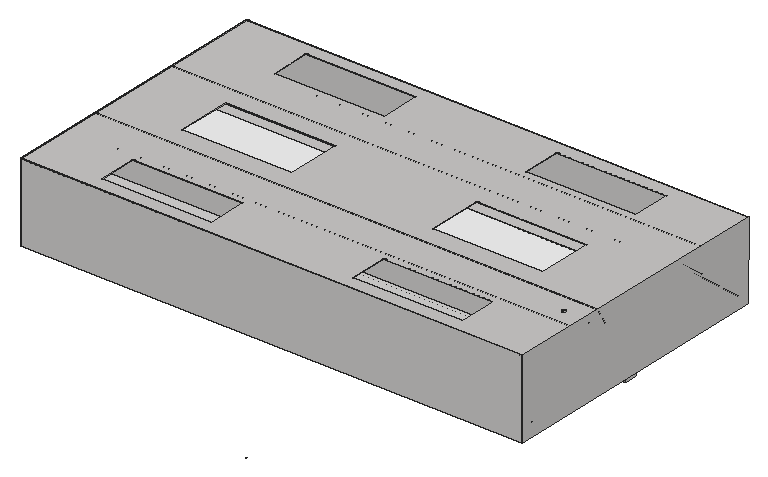
Revit family "QF_ELECTROLUXPROFESSIONAL_640237_STCF1832", category Specialty Equipment, Revit 2014
Reference planes
  plane 1: z = 0
  plane 2 "Center (Left/Right)": x = 150
  plane 3 "LEFT": x = -1450
  plane 4 "RIGHT": x = 1750
  plane 5 "BACK": y = 550
  plane 6 "TOP": z = 2500
  plane 7 "Base": z = 2000
  plane 8: z = 1955
  plane 9: x = -1447
  plane 10 "DrainX": x = 1630
  plane 11 "AOLeft2": x = -300
  plane 12 "AORight1": x = 600
  plane 13: x = 1747
  plane 14: x = -1250
  plane 15: x = 1550
  plane 16 "Center (Front/Back)": y = -350
  plane 17 "Front": y = -1250
  plane 18 "AOLeft1": x = -1000
  plane 19 "AORight2": x = 1300
  plane 20 "EI_y": y = -770
  plane 21 "EIx": x = 1630
  plane 22: y = 464
  plane 23: y = 214
  plane 24: y = -1164
  plane 25: y = -914
  plane 26: y = -175
  plane 27: y = -525
Forms (mm)
  Extrusion 1, solid, material "QF_Finishes_Stainless Steel"
    sketch origin (-1450, 0, 360) x (0, 1, 0) y (0, 0, 1)
      loop
        line (550, 1640) -> (550, 2140) -> (-1250, 2140) -> (-1250, 1640) -> (550, 1640)
    from 0 to 3
  Extrusion 2, solid, material "QF_Finishes_Stainless Steel"
    sketch origin (1750, 0, 360) x (0, 1, 0) y (0, 0, 1)
      loop
        line (550, 1640) -> (550, 2140) -> (-1250, 2140) -> (-1250, 1640) -> (550, 1640)
    from 0 to -3
  Extrusion 3, solid, material "QF_Finishes_Stainless Steel"
    sketch origin (150, 0, 360) x (0, 1, 0) y (0, 0, 1)
      loop
        line (-1250, 2140) -> (-1250, 1640) -> (-1240, 1640) -> (-1240, 1640.8) -> (-1249.2, 1640.8) -> (-1249.2, 2139.19) -> (549.2, 2139.19) -> (549.2, 1640.8) -> (540, 1640.8) -> (540, 1640) -> (550, 1640) -> (550, 2140) -> (-1250, 2140)
    from -1600 to 1600
  Extrusion 4, solid, material "QF_Finishes_Stainless Steel"
    sketch origin (0, -840, 2000) x (0, 1, 0) y (-1, 0, 0)
      loop
        circle (490, -1630) r 4.763
    from -30 to 0
  Extrusion 5, void
    sketch origin (0, 0, 2500) x (0, 1, 0) y (-1, 0, 0)
      loop
        line (-1164, 300) -> (-914, 300) -> (-914, 1000) -> (-1164, 1000) -> (-1164, 300)
    from 0 to -10
  Extrusion 6, solid, material "QF_Finishes_Stainless Steel"
    sketch origin (0, 0, 0) x (1, 0, 0) y (0, 1, 0)
      loop
        line (-1450, 550) -> (-1450, 549) -> (-1449, 549) -> (-1449, 550) -> (-1450, 550)
    from 0 to 1
  Sweep 7, solid, material "QF_Finishes_Stainless Steel"
    path origin (0, 0, 0) x (1, 0, 0) y (0, 1, 0)
      loop
        line (1750, 550) -> (-1450, 550) -> (-1450, -1250) -> (1750, -1250) -> (1750, 550)
    profile origin (1750, -350, 0) x (1, 0, 0) y (0, 0, 1)
      loop
        line (-3, 2000) -> (-3, 2000.8) -> (-19, 2000.8) -> (-19, 2010) -> (-20, 2010) -> (-20, 2000) -> (-3, 2000)
  Extrusion 8, solid, material "QF_Finishes_Stainless Steel"
    sketch origin (150, -826.94, 0) x (0, 1, 0) y (0, 0, 1)
      loop
        line (414.66, 2095.469) -> (440.643, 2110.471) -> (261.744, 2411.771) -> (235.948, 2396.455) -> (414.66, 2095.469)
    from -1597 to -1400
  Extrusion 9, void
    sketch origin (1134.605, 0, 2500) x (0, 1, 0) y (-1, 0, 0)
      loop
        line (-1164, -165.395) -> (-914, -165.395) -> (-914, 534.605) -> (-1164, 534.605) -> (-1164, -165.395)
    from 0 to -10
  Extrusion 10, solid, material "QF_Finishes_Stainless Steel"
    sketch origin (1630, -840, 0) x (0, 1, 0) y (0, 0, 1)
      loop
        line (539, 2000) -> (441, 2000) -> (441, 1989) -> (448.5, 1989) -> (448.5, 1965)
        arc (448.5, 1965) -> (451.429, 1957.929) -> (458.5, 1955) r 10
        line (458.5, 1955) -> (521.5, 1955)
        arc (521.5, 1955) -> (528.571, 1957.929) -> (531.5, 1965) r 10
        line (531.5, 1965) -> (531.5, 1989) -> (539, 1989) -> (539, 2000)
    from 90 to -90
  Extrusion 11, solid, material "QF_Finishes_Stainless Steel"
    sketch origin (150, -826.94, 0) x (0, 1, 0) y (0, 0, 1)
      loop
        line (414.66, 2095.469) -> (440.643, 2110.471) -> (261.744, 2411.771) -> (235.948, 2396.455) -> (414.66, 2095.469)
    from 1400 to 1597
  Extrusion 12, solid, material "QF_Finished_Chrome"
    sketch origin (150, -826.94, 0) x (0, 1, 0) y (0, 0, 1)
      loop
        line (414.66, 2095.469) -> (440.643, 2110.471) -> (261.744, 2411.771) -> (235.948, 2396.455) -> (414.66, 2095.469)
    from -1400 to 1400
  Extrusion 13, void
    sketch origin (0, 1180, 2500) x (0, 1, 0) y (-1, 0, 0)
      loop
        line (-1355, 300) -> (-1355, 1000) -> (-1705, 1000) -> (-1705, 300) -> (-1355, 300)
    from 0 to -10
  Extrusion 14, void
    sketch origin (1600, 1180, 2500) x (0, 1, 0) y (-1, 0, 0)
      loop
        line (-1355, 300) -> (-1355, 1000) -> (-1705, 1000) -> (-1705, 300) -> (-1355, 300)
    from 0 to -10
  Extrusion 15, solid, material "QF_Finishes_Stainless Steel"
    sketch origin (0, 0, 2500) x (0, 1, 0) y (-1, 0, 0)
      loop
        circle (-770, -1630) r 10
    from 0 to 1.6
  Extrusion 16, solid, material "QF_Finishes_Stainless Steel"
    sketch origin (150, -826.94, 360) x (0, 1, 0) y (0, 0, 1)
      loop
        line (430.005, 1640) -> (476.94, 1640) -> (476.94, 1640.8) -> (430.467, 1640.8) -> (371.906, 1742.23) -> (414.858, 1734.657) -> (442.266, 1750.481) -> (442.266, 1765.943) -> (441.466, 1765.943) -> (441.466, 1750.943) -> (414.709, 1735.495) -> (321.153, 1751.991) -> (320.875, 1750.416) -> (371.4, 1741.507) -> (430.005, 1640)
      loop
        line (172.529, 2139.19) -> (242.893, 2017.316) -> (245.133, 2018.715) -> (240.13, 2027.381) -> (238.569, 2026.405) -> (173.453, 2139.19) -> (172.529, 2139.19)
    from -1597 to 1597
  Extrusion 17, solid, material "QF_LAMPS"
    sketch origin (150, 0, 360) x (0, 1, 0) y (0, 0, 1)
      loop
        line (-872.823, 1962.324) -> (-718.948, 2086.929) -> (-727.129, 2097.032) -> (-881.003, 1972.426) -> (-872.823, 1962.324)
    from 1597 to -1597
  Extrusion 18, solid, material "QF_Finishes_Stainless Steel"
    sketch origin (150, 0, 360) x (0, 1, 0) y (0, 0, 1)
      loop
        line (-1250, 2139.19) -> (-1250, 1640) -> (-1186.602, 1640) -> (-1099.146, 1690.493) -> (-1110.058, 1709.394) -> (-1166.564, 1676.77) -> (-1214.704, 1680.982) -> (-1249.2, 1730.248) -> (-1249.2, 2139.19) -> (-1250, 2139.19)
      loop
        line (-873.6, 1961.694) -> (-881.937, 1971.99) -> (-869.095, 1982.182) -> (-869.095, 2139.19) -> (-869.895, 2139.19) -> (-869.895, 1982.569) -> (-1182.298, 1734.63) -> (-1171.091, 1720.79) -> (-873.6, 1961.694)
      loop
        line (-727.61, 2099.216) -> (-718.171, 2087.559) -> (-654.411, 2139.19) -> (-655.682, 2139.19) -> (-718.052, 2088.684) -> (-726.989, 2099.719) -> (-727.61, 2099.216)
    from -1597 to 1597
  Extrusion 19, solid, material "QF_Finishes_Stainless Steel"
    sketch origin (150, 126.94, 360) x (0, -1, 0) y (0, 0, -1)
      loop
        line (430.005, -1640) -> (371.4, -1741.507) -> (320.875, -1750.416) -> (321.153, -1751.991) -> (414.709, -1735.495) -> (441.466, -1750.943) -> (441.466, -1765.943) -> (442.266, -1765.943) -> (442.266, -1750.481) -> (414.858, -1734.657) -> (371.906, -1742.23) -> (430.467, -1640.8) -> (476.94, -1640.8) -> (476.94, -1640) -> (430.005, -1640)
      loop
        line (172.529, -2139.19) -> (173.453, -2139.19) -> (238.569, -2026.405) -> (240.13, -2027.381) -> (245.133, -2018.715) -> (242.893, -2017.316) -> (172.529, -2139.19)
    from -1597 to 1597
  Extrusion 20, solid, material "QF_LAMPS"
    sketch origin (150, -700, 360) x (0, -1, 0) y (0, 0, -1)
      loop
        line (-872.823, -1962.324) -> (-881.003, -1972.426) -> (-727.129, -2097.032) -> (-718.948, -2086.929) -> (-872.823, -1962.324)
    from 1597 to -1597
  Extrusion 21, solid, material "QF_Finishes_Stainless Steel"
    sketch origin (150, -700, 360) x (0, -1, 0) y (0, 0, -1)
      loop
        line (-1250, -2139.19) -> (-1249.2, -2139.19) -> (-1249.2, -1730.248) -> (-1214.704, -1680.982) -> (-1166.564, -1676.77) -> (-1110.058, -1709.394) -> (-1099.146, -1690.493) -> (-1186.602, -1640) -> (-1250, -1640) -> (-1250, -2139.19)
      loop
        line (-873.6, -1961.694) -> (-1171.091, -1720.79) -> (-1182.298, -1734.63) -> (-869.895, -1982.569) -> (-869.895, -2139.19) -> (-869.095, -2139.19) -> (-869.095, -1982.182) -> (-881.937, -1971.99) -> (-873.6, -1961.694)
      loop
        line (-727.61, -2099.216) -> (-726.989, -2099.719) -> (-718.052, -2088.684) -> (-655.682, -2139.19) -> (-654.411, -2139.19) -> (-718.171, -2087.559) -> (-727.61, -2099.216)
    from -1597 to 1597
  Extrusion 22, solid, material "QF_Finishes_Stainless Steel"
    sketch origin (150, 126.94, 0) x (0, -1, 0) y (0, 0, -1)
      loop
        line (414.66, -2095.469) -> (235.948, -2396.455) -> (261.744, -2411.771) -> (440.643, -2110.471) -> (414.66, -2095.469)
    from -1597 to -1400
  Extrusion 23, solid, material "QF_Finishes_Stainless Steel"
    sketch origin (150, 126.94, 0) x (0, -1, 0) y (0, 0, -1)
      loop
        line (414.66, -2095.469) -> (235.948, -2396.455) -> (261.744, -2411.771) -> (440.643, -2110.471) -> (414.66, -2095.469)
    from 1400 to 1597
  Extrusion 24, solid, material "QF_Finished_Chrome"
    sketch origin (150, 126.94, 0) x (0, -1, 0) y (0, 0, -1)
      loop
        line (414.66, -2095.469) -> (235.948, -2396.455) -> (261.744, -2411.771) -> (440.643, -2110.471) -> (414.66, -2095.469)
    from -1400 to 1400
  Extrusion 25, void
    sketch origin (0, 814, 2500) x (0, 1, 0) y (-1, 0, 0)
      loop
        line (-600, 300) -> (-350, 300) -> (-350, 1000) -> (-600, 1000) -> (-600, 300)
    from 0 to -10
  Extrusion 26, void
    sketch origin (1134.605, 814, 2500) x (0, 1, 0) y (-1, 0, 0)
      loop
        line (-600, -165.395) -> (-350, -165.395) -> (-350, 534.605) -> (-600, 534.605) -> (-600, -165.395)
    from 0 to -10
  Extrusion 27, solid, material "QF_Finishes_Stainless Steel"
    sketch origin (150, 126.94, 0) x (0, -1, 0) y (0, 0, -1)
      loop
        line (414.66, -2095.469) -> (235.948, -2396.455) -> (261.744, -2411.771) -> (440.643, -2110.471) -> (414.66, -2095.469)
    from -1597 to -1400
  Extrusion 28, solid, material "QF_Finishes_Stainless Steel"
    sketch origin (150, 126.94, 0) x (0, -1, 0) y (0, 0, -1)
      loop
        line (414.66, -2095.469) -> (235.948, -2396.455) -> (261.744, -2411.771) -> (440.643, -2110.471) -> (414.66, -2095.469)
    from 1597 to 1400
Cuts and joins
  Extrusion 5, Extrusion 9, Extrusion 13, Extrusion 14, Extrusion 25, Extrusion 26 cuts Extrusion 3
  joined: Extrusion 2, Extrusion 3, Sweep 7
Lines and regions (mm)
  symbolic lines, style "SpecialityEquipment", detail levels coarse
    curve 1: line (1750, 550, 2500) -> (-1450, 550, 2500)
    curve 2: line (-1450, 550, 2500) -> (-1450, -1250, 2500)
    curve 3: line (1750, -1250, 2500) -> (1750, 550, 2500)
    curve 4: line (-1450, 550, 0) -> (1750, -1250, 0)
    curve 5: line (1750, 550, 0) -> (-1450, -1250, 0)
    curve 6: line (-1450, -1250, 0) -> (1750, -1250, 0)
  symbolic lines, detail levels coarse
    curve 7: line (-1000, 464, 2500) -> (-300, 464, 2500)
    curve 8: line (-1000, 214, 2500) -> (-1000, 464, 2500)
    curve 9: line (-300, 214, 2500) -> (-1000, 214, 2500)
    curve 10: line (-300, 464, 2500) -> (-300, 214, 2500)
    curve 11: line (600, 464, 2500) -> (1300, 464, 2500)
    curve 12: line (600, 214, 2500) -> (600, 464, 2500)
    curve 13: line (1300, 214, 2500) -> (600, 214, 2500)
    curve 14: line (1300, 464, 2500) -> (1300, 214, 2500)
    curve 15: line (600, -175, 2500) -> (1300, -175, 2500)
    curve 16: line (600, -525, 2500) -> (600, -175, 2500)
    curve 17: line (1300, -525, 2500) -> (600, -525, 2500)
    curve 18: line (1300, -175, 2500) -> (1300, -525, 2500)
    curve 19: line (600, -914, 2500) -> (1300, -914, 2500)
    curve 20: line (600, -1164, 2500) -> (600, -914, 2500)
    curve 21: line (1300, -1164, 2500) -> (600, -1164, 2500)
    curve 22: line (1300, -914, 2500) -> (1300, -1164, 2500)
    curve 23: line (-1000, -914, 2500) -> (-300, -914, 2500)
    curve 24: line (-1000, -1164, 2500) -> (-1000, -914, 2500)
    curve 25: line (-300, -1164, 2500) -> (-1000, -1164, 2500)
    curve 26: line (-300, -914, 2500) -> (-300, -1164, 2500)
    curve 27: line (-1000, -175, 2500) -> (-300, -175, 2500)
    curve 28: line (-1000, -525, 2500) -> (-1000, -175, 2500)
    curve 29: line (-300, -525, 2500) -> (-1000, -525, 2500)
    curve 30: line (-300, -175, 2500) -> (-300, -525, 2500)
Dimensions and locks
  plane 3 "LEFT" to plane 4 "RIGHT" = 3200 mm
  equal spacing: plane 3 "LEFT", plane 2 "Center (Left/Right)", plane 4 "RIGHT"
  plane 7 "Base" to plane 8 = 45 mm
  plane 3 "LEFT" to plane 9 = 3 mm
  plane 10 "DrainX" to plane 4 "RIGHT" = 120 mm
  plane 13 to plane 4 "RIGHT" = 3 mm
  plane 3 "LEFT" to plane 14 = 200 mm
  plane 15 to plane 4 "RIGHT" = 200 mm
  locked: plane 11 "AOLeft2" to plane 12 "AORight1" at 900
  equal spacing: plane 11 "AOLeft2", plane 2 "Center (Left/Right)", plane 12 "AORight1"
  locked: plane 7 "Base" to level at 2000
  locked: plane 6 "TOP" to plane 7 "Base" at 500
  equal spacing: plane 5 "BACK", plane 16 "Center (Front/Back)", plane 17 "Front"
  locked: plane 18 "AOLeft1" to plane 11 "AOLeft2" at 700
  locked: plane 12 "AORight1" to plane 19 "AORight2" at 700
  locked: plane 20 "EI_y" to plane 17 "Front" at 480
  locked: plane 21 "EIx" to plane 4 "RIGHT" at 120
  locked: plane 5 "BACK" to plane 22 at 86
  plane 22 to plane 23 = 250 mm
  locked: plane 24 to plane 17 "Front" at 86
  locked: plane 24 to plane 25 at 250
  plane 26 to plane 16 "Center (Front/Back)" = 175 mm
  plane 16 "Center (Front/Back)" to plane 27 = 175 mm
  locked: plane 5 "BACK" to plane 17 "Front" at 1800
  plane 5 "BACK" to plane 17 "Front" = 1800 mm
  plane 26 to plane 27 = 350 mm
  aligned and locked: level to plane 1
  aligned and locked: plane 4 "RIGHT" to Extrusion 3
  aligned and locked: Extrusion 3 to plane 3 "LEFT"
  aligned and locked: Extrusion 2 to plane 13
  aligned and locked: Extrusion 8 to plane 9
  aligned and locked: plane 18 "AOLeft1" to Extrusion 5
  aligned and locked: Extrusion 5 to plane 11 "AOLeft2"
  aligned and locked: Extrusion 9 to plane 19 "AORight2"
  aligned and locked: plane 12 "AORight1" to Extrusion 9
  aligned and locked: plane 14 to Extrusion 8
  aligned and locked: plane 15 to Extrusion 11
  aligned and locked: plane 13 to Extrusion 11
  aligned and locked: Extrusion 12 to plane 14
  aligned and locked: Extrusion 12 to plane 15
  aligned and locked: plane 12 "AORight1" to Extrusion 14
  aligned and locked: plane 19 "AORight2" to Extrusion 14
  aligned and locked: Extrusion 13 to plane 18 "AOLeft1"
  aligned and locked: Extrusion 13 to plane 11 "AOLeft2"
  aligned and locked: Extrusion 16 to plane 9
  aligned and locked: plane 13 to Extrusion 16
  aligned and locked: Extrusion 24 to plane 14
  aligned and locked: Extrusion 24 to plane 15
  aligned and locked: plane 24 to Extrusion 5
  aligned and locked: Extrusion 5 to plane 25
  aligned and locked: Extrusion 9 to plane 25
  aligned and locked: plane 24 to Extrusion 9
  aligned and locked: Extrusion 25 to plane 18 "AOLeft1"
  aligned and locked: Extrusion 25 to plane 11 "AOLeft2"
  aligned and locked: plane 12 "AORight1" to Extrusion 26
  aligned and locked: plane 19 "AORight2" to Extrusion 26
  aligned and locked: plane 26 to Extrusion 13
  aligned and locked: Extrusion 13 to plane 27
  aligned and locked: plane 26 to Extrusion 14
  aligned and locked: Extrusion 14 to plane 27
  aligned and locked: plane 22 to Extrusion 25
  aligned and locked: Extrusion 25 to plane 23
  aligned and locked: plane 22 to Extrusion 26
  aligned and locked: Extrusion 26 to plane 23
  aligned and locked: Extrusion 21 to plane 9
  aligned and locked: Extrusion 20 to plane 9
  aligned and locked: Extrusion 19 to plane 9
  aligned and locked: plane 9 to Extrusion 22
  aligned and locked: Extrusion 18 to plane 9
  aligned and locked: Extrusion 17 to plane 9
  aligned and locked: plane 13 to Extrusion 21
  aligned and locked: plane 13 to Extrusion 20
  aligned and locked: plane 13 to Extrusion 19
  aligned and locked: Extrusion 23 to plane 13
  aligned and locked: plane 13 to Extrusion 17
  aligned and locked: Extrusion 18 to plane 13
  aligned and locked: plane 14 to Extrusion 27
  aligned and locked: Extrusion 27 to plane 9
  aligned and locked: Extrusion 28 to plane 13
  aligned and locked: plane 15 to Extrusion 28
Automatic sketch dimensions
  curve 6 to plane 3 "LEFT" = 0 mm
  curve 4 to plane 3 "LEFT" = 0 mm
  curve 5 to plane 4 "RIGHT" = 0 mm
  curve 6 to plane 4 "RIGHT" = 0 mm
  curve 4 to plane 17 "Front" = 0 mm
  curve 5 to plane 5 "BACK" = 0 mm
  curve 4 to plane 5 "BACK" = 0 mm
  Extrusion 1 sketch curve to plane 7 "Base" = 0 mm
  Extrusion 1 sketch curve to plane 17 "Front" = 0 mm
  Extrusion 1 sketch curve to plane 5 "BACK" = 0 mm
  Extrusion 1 sketch curve to plane 6 "TOP" = 0 mm
  Extrusion 2 sketch curve to plane 7 "Base" = 0 mm
  Extrusion 2 sketch curve to plane 17 "Front" = 0 mm
  Extrusion 2 sketch curve to plane 5 "BACK" = 0 mm
  Extrusion 2 sketch curve to plane 6 "TOP" = 0 mm
  Extrusion 3 sketch curve to plane 6 "TOP" = 0 mm
  Extrusion 3 sketch curve to plane 17 "Front" = 0 mm
  Extrusion 3 sketch curve to plane 7 "Base" = 0 mm  (x2)
  Extrusion 3 sketch curve to plane 5 "BACK" = 0 mm
  plane 17 "Front" to Extrusion 3 sketch curve = 0.8 mm
  Extrusion 3 sketch curve to Extrusion 3 sketch curve = 9.2 mm
  plane 7 "Base" to Extrusion 3 sketch curve = 0.8 mm  (x2)
  Extrusion 3 sketch curve to plane 5 "BACK" = 10 mm
  Extrusion 3 sketch curve to plane 5 "BACK" = 0.8 mm
  Extrusion 3 sketch curve to plane 6 "TOP" = 0.81 mm
  Extrusion 4 sketch curve to plane 10 "DrainX" = 0 mm
  Extrusion 4 sketch curve to plane 16 "Center (Front/Back)" = 0 mm
  Extrusion 5 sketch curve to plane 18 "AOLeft1" = 0 mm
  plane 24 to Extrusion 5 sketch curve = 0 mm
  Extrusion 5 sketch curve to plane 11 "AOLeft2" = 0 mm
  plane 25 to Extrusion 5 sketch curve = 0 mm
  Extrusion 6 sketch curve to plane 3 "LEFT" = 0 mm
  Extrusion 6 sketch curve to plane 5 "BACK" = 0 mm
  plane 3 "LEFT" to Extrusion 6 sketch curve = 1 mm
  Extrusion 6 sketch curve to Extrusion 6 sketch curve = 1 mm
  Sweep 7 sketch curve to plane 3 "LEFT" = 0 mm
  Sweep 7 sketch curve to plane 4 "RIGHT" = 0 mm
  Sweep 7 sketch curve to plane 17 "Front" = 0 mm
  Sweep 7 sketch curve to plane 5 "BACK" = 0 mm
  profile plane to Sweep 7 sketch curve = 20 mm
  Sweep 7 sketch curve to Sweep 7 sketch curve = 1 mm
  profile plane to Sweep 7 sketch curve = 3 mm
  level to Sweep 7 sketch curve = 2000 mm
  Sweep 7 sketch curve to Sweep 7 sketch curve = 0.8 mm
  Sweep 7 sketch curve to Sweep 7 sketch curve = 9.2 mm
  Extrusion 8 sketch curve to plane 27 = 65.992 mm
  Extrusion 8 sketch curve to Extrusion 8 sketch curve = 25.795 mm
  Extrusion 8 sketch curve to plane 16 "Center (Front/Back)" = 62.28 mm
  Extrusion 8 sketch curve to Extrusion 8 sketch curve = 25.983 mm
  plane 7 "Base" to Extrusion 8 sketch curve = 95.469 mm
  Extrusion 8 sketch curve to Extrusion 8 sketch curve = 15.001 mm
  Extrusion 8 sketch curve to plane 6 "TOP" = 103.545 mm
  Extrusion 8 sketch curve to Extrusion 8 sketch curve = 15.316 mm
  Extrusion 9 sketch curve to plane 12 "AORight1" = 0 mm
  plane 24 to Extrusion 9 sketch curve = 0 mm
  Extrusion 9 sketch curve to plane 19 "AORight2" = 0 mm
  plane 25 to Extrusion 9 sketch curve = 0 mm
  Extrusion 10 sketch curve to plane 8 = 0 mm
  Extrusion 10 sketch curve to plane 7 "Base" = 11 mm  (x2)
  Extrusion 10 sketch curve to plane 16 "Center (Front/Back)" = 49 mm
  Extrusion 10 sketch curve to Extrusion 10 sketch curve = 7.5 mm  (x2)
  Extrusion 10 sketch curve to Extrusion 10 sketch curve = 10 mm  (x2)
  plane 16 "Center (Front/Back)" to Extrusion 10 sketch curve = 31.5 mm
  plane 7 "Base" to Extrusion 10 sketch curve = 0 mm
  Extrusion 11 sketch curve to plane 27 = 65.992 mm
  Extrusion 11 sketch curve to Extrusion 11 sketch curve = 25.795 mm
  Extrusion 11 sketch curve to plane 16 "Center (Front/Back)" = 62.28 mm
  Extrusion 11 sketch curve to Extrusion 11 sketch curve = 25.983 mm
  plane 7 "Base" to Extrusion 11 sketch curve = 95.469 mm
  Extrusion 11 sketch curve to Extrusion 11 sketch curve = 15.001 mm
  Extrusion 11 sketch curve to plane 6 "TOP" = 103.545 mm
  Extrusion 11 sketch curve to Extrusion 11 sketch curve = 15.316 mm
  Extrusion 12 sketch curve to plane 27 = 65.992 mm
  Extrusion 12 sketch curve to Extrusion 12 sketch curve = 25.795 mm
  Extrusion 12 sketch curve to plane 16 "Center (Front/Back)" = 62.28 mm
  Extrusion 12 sketch curve to Extrusion 12 sketch curve = 25.983 mm
  plane 7 "Base" to Extrusion 12 sketch curve = 95.469 mm
  Extrusion 12 sketch curve to Extrusion 12 sketch curve = 15.001 mm
  Extrusion 12 sketch curve to plane 6 "TOP" = 103.545 mm
  Extrusion 12 sketch curve to Extrusion 12 sketch curve = 15.316 mm
  Extrusion 13 sketch curve to plane 11 "AOLeft2" = 0 mm
  Extrusion 13 sketch curve to plane 27 = 0 mm
  Extrusion 13 sketch curve to plane 26 = 0 mm
  Extrusion 13 sketch curve to plane 18 "AOLeft1" = 0 mm
  Extrusion 14 sketch curve to plane 19 "AORight2" = 0 mm
  Extrusion 14 sketch curve to plane 27 = 0 mm
  Extrusion 14 sketch curve to plane 26 = 0 mm
  Extrusion 14 sketch curve to plane 12 "AORight1" = 0 mm
  Extrusion 15 sketch curve to plane 20 "EI_y" = 0 mm
  Extrusion 15 sketch curve to plane 21 "EIx" = 0 mm
  Extrusion 16 sketch curve to plane 7 "Base" = 0 mm
  Extrusion 16 sketch curve to plane 6 "TOP" = 0.81 mm
  plane 20 "EI_y" to Extrusion 16 sketch curve = 115.589 mm
  Extrusion 16 sketch curve to Extrusion 16 sketch curve = 0.924 mm
  Extrusion 16 sketch curve to plane 27 = 63.371 mm
  Extrusion 16 sketch curve to Extrusion 16 sketch curve = 1.561 mm
  Extrusion 16 sketch curve to Extrusion 16 sketch curve = 4.324 mm
  Extrusion 16 sketch curve to Extrusion 16 sketch curve = 2.24 mm
  plane 27 to Extrusion 16 sketch curve = 18.935 mm
  Extrusion 16 sketch curve to Extrusion 16 sketch curve = 0.278 mm
  Extrusion 16 sketch curve to Extrusion 16 sketch curve = 50.525 mm
  Extrusion 16 sketch curve to Extrusion 16 sketch curve = 0.506 mm
  Extrusion 16 sketch curve to Extrusion 16 sketch curve = 42.803 mm
  Extrusion 16 sketch curve to Extrusion 16 sketch curve = 0.148 mm
  Extrusion 16 sketch curve to plane 16 "Center (Front/Back)" = 46.935 mm
  plane 7 "Base" to Extrusion 16 sketch curve = 0.8 mm
  Extrusion 16 sketch curve to Extrusion 16 sketch curve = 0.462 mm  (x2)
  Extrusion 16 sketch curve to Extrusion 16 sketch curve = 46.473 mm
  Extrusion 16 sketch curve to plane 16 "Center (Front/Back)" = 35.474 mm
  Extrusion 16 sketch curve to Extrusion 16 sketch curve = 0.8 mm
  plane 7 "Base" to Extrusion 16 sketch curve = 94.657 mm
  Extrusion 16 sketch curve to Extrusion 16 sketch curve = 0.838 mm
  Extrusion 16 sketch curve to Extrusion 16 sketch curve = 6.012 mm
  Extrusion 16 sketch curve to Extrusion 16 sketch curve = 0.723 mm
  Extrusion 16 sketch curve to Extrusion 16 sketch curve = 14.986 mm
  Extrusion 16 sketch curve to Extrusion 16 sketch curve = 15 mm
  Extrusion 16 sketch curve to plane 6 "TOP" = 122.684 mm
  Extrusion 16 sketch curve to Extrusion 16 sketch curve = 1.399 mm
  Extrusion 16 sketch curve to Extrusion 16 sketch curve = 9.089 mm
  Extrusion 16 sketch curve to Extrusion 16 sketch curve = 0.975 mm
  Extrusion 17 sketch curve to plane 25 = 32.997 mm
  Extrusion 17 sketch curve to Extrusion 17 sketch curve = 8.181 mm  (x2)
  plane 20 "EI_y" to Extrusion 17 sketch curve = 42.871 mm
  Extrusion 17 sketch curve to plane 6 "TOP" = 177.676 mm
  Extrusion 17 sketch curve to Extrusion 17 sketch curve = 10.102 mm
  Extrusion 17 sketch curve to plane 6 "TOP" = 53.071 mm
  Extrusion 17 sketch curve to Extrusion 17 sketch curve = 10.103 mm
  Extrusion 18 sketch curve to plane 7 "Base" = 0 mm
  Extrusion 18 sketch curve to plane 17 "Front" = 0 mm
  Extrusion 18 sketch curve to Extrusion 18 sketch curve = 0.8 mm  (x2)
  plane 17 "Front" to Extrusion 18 sketch curve = 35.296 mm
  plane 24 to Extrusion 18 sketch curve = 22.602 mm
  plane 24 to Extrusion 18 sketch curve = 18.298 mm
  plane 24 to Extrusion 18 sketch curve = 7.091 mm
  plane 24 to Extrusion 18 sketch curve = 2.564 mm
  Extrusion 18 sketch curve to plane 24 = 53.942 mm
  Extrusion 18 sketch curve to Extrusion 18 sketch curve = 10.912 mm
  Extrusion 18 sketch curve to plane 25 = 32.063 mm
  Extrusion 18 sketch curve to Extrusion 18 sketch curve = 8.337 mm
  Extrusion 18 sketch curve to Extrusion 18 sketch curve = 12.042 mm
  plane 20 "EI_y" to Extrusion 18 sketch curve = 42.39 mm
  Extrusion 18 sketch curve to Extrusion 18 sketch curve = 0.622 mm
  Extrusion 18 sketch curve to Extrusion 18 sketch curve = 9.44 mm
  Extrusion 18 sketch curve to Extrusion 18 sketch curve = 0.118 mm
  Extrusion 18 sketch curve to plane 6 "TOP" = 0.81 mm  (x3)
  Extrusion 18 sketch curve to Extrusion 18 sketch curve = 62.37 mm
  Extrusion 18 sketch curve to Extrusion 18 sketch curve = 1.271 mm
  plane 7 "Base" to Extrusion 18 sketch curve = 36.77 mm
  plane 7 "Base" to Extrusion 18 sketch curve = 40.982 mm
  plane 7 "Base" to Extrusion 18 sketch curve = 50.493 mm
  Extrusion 18 sketch curve to Extrusion 18 sketch curve = 18.901 mm
  Extrusion 18 sketch curve to Extrusion 18 sketch curve = 44.02 mm
  Extrusion 18 sketch curve to Extrusion 18 sketch curve = 49.266 mm
  Extrusion 18 sketch curve to Extrusion 18 sketch curve = 13.84 mm
  Extrusion 18 sketch curve to plane 6 "TOP" = 178.306 mm
  Extrusion 18 sketch curve to Extrusion 18 sketch curve = 10.296 mm
  Extrusion 18 sketch curve to Extrusion 18 sketch curve = 10.192 mm
  Extrusion 18 sketch curve to Extrusion 18 sketch curve = 0.386 mm
  Extrusion 18 sketch curve to plane 6 "TOP" = 52.441 mm
  Extrusion 18 sketch curve to Extrusion 18 sketch curve = 1.125 mm
  Extrusion 19 sketch curve to plane 7 "Base" = 0 mm
  plane 6 "TOP" to Extrusion 19 sketch curve = 0.81 mm
  Extrusion 19 sketch curve to plane 26 = 129.411 mm
  Extrusion 19 sketch curve to Extrusion 19 sketch curve = 0.924 mm
  Extrusion 19 sketch curve to plane 26 = 63.371 mm
  Extrusion 19 sketch curve to Extrusion 19 sketch curve = 1.561 mm
  Extrusion 19 sketch curve to Extrusion 19 sketch curve = 4.324 mm
  Extrusion 19 sketch curve to Extrusion 19 sketch curve = 2.24 mm
  plane 26 to Extrusion 19 sketch curve = 18.935 mm
  Extrusion 19 sketch curve to Extrusion 19 sketch curve = 0.278 mm
  Extrusion 19 sketch curve to Extrusion 19 sketch curve = 50.525 mm
  Extrusion 19 sketch curve to Extrusion 19 sketch curve = 0.506 mm
  Extrusion 19 sketch curve to Extrusion 19 sketch curve = 42.803 mm
  Extrusion 19 sketch curve to Extrusion 19 sketch curve = 0.148 mm
  Extrusion 19 sketch curve to plane 16 "Center (Front/Back)" = 46.935 mm
  Extrusion 19 sketch curve to plane 7 "Base" = 0.8 mm
  Extrusion 19 sketch curve to Extrusion 19 sketch curve = 0.462 mm  (x2)
  Extrusion 19 sketch curve to Extrusion 19 sketch curve = 46.473 mm
  Extrusion 19 sketch curve to plane 16 "Center (Front/Back)" = 35.474 mm
  Extrusion 19 sketch curve to Extrusion 19 sketch curve = 0.8 mm
  Extrusion 19 sketch curve to plane 7 "Base" = 94.657 mm
  Extrusion 19 sketch curve to Extrusion 19 sketch curve = 0.838 mm
  Extrusion 19 sketch curve to Extrusion 19 sketch curve = 6.012 mm
  Extrusion 19 sketch curve to Extrusion 19 sketch curve = 0.723 mm
  Extrusion 19 sketch curve to Extrusion 19 sketch curve = 14.986 mm
  Extrusion 19 sketch curve to Extrusion 19 sketch curve = 15 mm
  plane 6 "TOP" to Extrusion 19 sketch curve = 122.684 mm
  Extrusion 19 sketch curve to Extrusion 19 sketch curve = 1.399 mm
  Extrusion 19 sketch curve to Extrusion 19 sketch curve = 9.089 mm
  Extrusion 19 sketch curve to Extrusion 19 sketch curve = 0.975 mm
  plane 23 to Extrusion 20 sketch curve = 32.997 mm
  Extrusion 20 sketch curve to Extrusion 20 sketch curve = 8.181 mm  (x2)
  plane 6 "TOP" to Extrusion 20 sketch curve = 42.968 mm
  plane 23 to Extrusion 20 sketch curve = 186.871 mm
  plane 6 "TOP" to Extrusion 20 sketch curve = 53.071 mm
  plane 6 "TOP" to Extrusion 20 sketch curve = 167.574 mm
  Extrusion 20 sketch curve to Extrusion 20 sketch curve = 10.102 mm
  Extrusion 21 sketch curve to plane 5 "BACK" = 0 mm
  Extrusion 21 sketch curve to plane 7 "Base" = 0 mm
  Extrusion 21 sketch curve to Extrusion 21 sketch curve = 0.8 mm  (x2)
  plane 5 "BACK" to Extrusion 21 sketch curve = 35.296 mm
  Extrusion 21 sketch curve to plane 22 = 22.602 mm
  Extrusion 21 sketch curve to plane 22 = 18.298 mm
  Extrusion 21 sketch curve to plane 22 = 7.091 mm
  Extrusion 21 sketch curve to plane 22 = 2.564 mm
  plane 22 to Extrusion 21 sketch curve = 53.942 mm
  Extrusion 21 sketch curve to Extrusion 21 sketch curve = 10.912 mm
  plane 23 to Extrusion 21 sketch curve = 32.063 mm
  Extrusion 21 sketch curve to Extrusion 21 sketch curve = 8.337 mm
  Extrusion 21 sketch curve to Extrusion 21 sketch curve = 12.042 mm
  plane 6 "TOP" to Extrusion 21 sketch curve = 40.784 mm
  Extrusion 21 sketch curve to Extrusion 21 sketch curve = 141.485 mm
  plane 6 "TOP" to Extrusion 21 sketch curve = 40.281 mm
  Extrusion 21 sketch curve to Extrusion 21 sketch curve = 0.622 mm
  plane 6 "TOP" to Extrusion 21 sketch curve = 52.441 mm
  plane 6 "TOP" to Extrusion 21 sketch curve = 51.316 mm
  plane 6 "TOP" to Extrusion 21 sketch curve = 0.81 mm  (x3)
  Extrusion 21 sketch curve to Extrusion 21 sketch curve = 62.37 mm
  Extrusion 21 sketch curve to Extrusion 21 sketch curve = 1.271 mm
  Extrusion 21 sketch curve to plane 7 "Base" = 36.77 mm
  Extrusion 21 sketch curve to plane 7 "Base" = 40.982 mm
  Extrusion 21 sketch curve to plane 7 "Base" = 50.493 mm
  Extrusion 21 sketch curve to Extrusion 21 sketch curve = 18.901 mm
  Extrusion 21 sketch curve to Extrusion 21 sketch curve = 44.02 mm
  Extrusion 21 sketch curve to Extrusion 21 sketch curve = 49.266 mm
  Extrusion 21 sketch curve to Extrusion 21 sketch curve = 13.84 mm
  plane 6 "TOP" to Extrusion 21 sketch curve = 178.306 mm
  Extrusion 21 sketch curve to Extrusion 21 sketch curve = 10.296 mm
  Extrusion 21 sketch curve to Extrusion 21 sketch curve = 10.192 mm
  Extrusion 21 sketch curve to Extrusion 21 sketch curve = 0.386 mm
  Extrusion 22 sketch curve to plane 26 = 65.992 mm
  Extrusion 22 sketch curve to Extrusion 22 sketch curve = 25.795 mm
  Extrusion 22 sketch curve to plane 16 "Center (Front/Back)" = 62.28 mm
  Extrusion 22 sketch curve to Extrusion 22 sketch curve = 25.983 mm
  Extrusion 22 sketch curve to plane 7 "Base" = 95.469 mm
  Extrusion 22 sketch curve to Extrusion 22 sketch curve = 15.001 mm
  plane 6 "TOP" to Extrusion 22 sketch curve = 103.545 mm
  Extrusion 22 sketch curve to Extrusion 22 sketch curve = 15.316 mm
  Extrusion 23 sketch curve to plane 26 = 65.992 mm
  Extrusion 23 sketch curve to Extrusion 23 sketch curve = 25.795 mm
  Extrusion 23 sketch curve to plane 16 "Center (Front/Back)" = 62.28 mm
  Extrusion 23 sketch curve to Extrusion 23 sketch curve = 25.983 mm
  Extrusion 23 sketch curve to plane 7 "Base" = 95.469 mm
  Extrusion 23 sketch curve to Extrusion 23 sketch curve = 15.001 mm
  plane 6 "TOP" to Extrusion 23 sketch curve = 103.545 mm
  Extrusion 23 sketch curve to Extrusion 23 sketch curve = 15.316 mm
  Extrusion 24 sketch curve to plane 26 = 65.992 mm
  Extrusion 24 sketch curve to Extrusion 24 sketch curve = 25.795 mm
  Extrusion 24 sketch curve to plane 16 "Center (Front/Back)" = 62.28 mm
  Extrusion 24 sketch curve to Extrusion 24 sketch curve = 25.983 mm
  Extrusion 24 sketch curve to plane 7 "Base" = 95.469 mm
  Extrusion 24 sketch curve to Extrusion 24 sketch curve = 15.001 mm
  plane 6 "TOP" to Extrusion 24 sketch curve = 103.545 mm
  Extrusion 24 sketch curve to Extrusion 24 sketch curve = 15.316 mm
  Extrusion 25 sketch curve to plane 18 "AOLeft1" = 0 mm
  Extrusion 25 sketch curve to plane 23 = 0 mm
  Extrusion 25 sketch curve to plane 11 "AOLeft2" = 0 mm
  Extrusion 25 sketch curve to plane 22 = 0 mm
  Extrusion 26 sketch curve to plane 12 "AORight1" = 0 mm
  Extrusion 26 sketch curve to plane 23 = 0 mm
  Extrusion 26 sketch curve to plane 19 "AORight2" = 0 mm
  Extrusion 26 sketch curve to plane 22 = 0 mm
  Extrusion 27 sketch curve to plane 26 = 65.992 mm
  Extrusion 27 sketch curve to Extrusion 27 sketch curve = 25.795 mm
  Extrusion 27 sketch curve to plane 16 "Center (Front/Back)" = 62.28 mm
  Extrusion 27 sketch curve to Extrusion 27 sketch curve = 25.983 mm
  Extrusion 27 sketch curve to plane 7 "Base" = 95.469 mm
  Extrusion 27 sketch curve to Extrusion 27 sketch curve = 15.001 mm
  plane 6 "TOP" to Extrusion 27 sketch curve = 103.545 mm
  Extrusion 27 sketch curve to Extrusion 27 sketch curve = 15.316 mm
  Extrusion 28 sketch curve to plane 26 = 65.992 mm
  Extrusion 28 sketch curve to Extrusion 28 sketch curve = 25.795 mm
  Extrusion 28 sketch curve to plane 16 "Center (Front/Back)" = 62.28 mm
  Extrusion 28 sketch curve to Extrusion 28 sketch curve = 25.983 mm
  Extrusion 28 sketch curve to plane 7 "Base" = 95.469 mm
  Extrusion 28 sketch curve to Extrusion 28 sketch curve = 15.001 mm
  plane 6 "TOP" to Extrusion 28 sketch curve = 103.545 mm
  Extrusion 28 sketch curve to Extrusion 28 sketch curve = 15.316 mm
  curve 2 to plane 3 "LEFT" = 0 mm
  curve 2 to plane 17 "Front" = 0 mm
  curve 3 to plane 4 "RIGHT" = 0 mm
  curve 3 to plane 17 "Front" = 0 mm
  curve 20 to plane 12 "AORight1" = 0 mm
  plane 24 to curve 20 = 0 mm
  curve 24 to plane 18 "AOLeft1" = 0 mm
  plane 24 to curve 24 = 0 mm
  plane 25 to curve 24 = 0 mm
  plane 25 to curve 19 = 0 mm
  curve 29 to plane 11 "AOLeft2" = 0 mm
  curve 29 to plane 27 = 0 mm
  curve 17 to plane 12 "AORight1" = 0 mm
  curve 17 to plane 27 = 0 mm
  curve 16 to plane 26 = 0 mm
  curve 27 to plane 26 = 0 mm
  curve 12 to plane 12 "AORight1" = 0 mm
  curve 12 to plane 23 = 0 mm
  curve 10 to plane 11 "AOLeft2" = 0 mm
  curve 10 to plane 23 = 0 mm
  curve 8 to plane 18 "AOLeft1" = 0 mm
  curve 8 to plane 22 = 0 mm
  curve 11 to plane 22 = 0 mm
  curve 1 to plane 5 "BACK" = 0 mm
  curve 15 to plane 19 "AORight2" = 0 mm
  curve 22 to plane 19 "AORight2" = 0 mm
  curve 14 to plane 19 "AORight2" = 0 mm
  curve 26 to plane 11 "AOLeft2" = 0 mm
  curve 29 to plane 18 "AOLeft1" = 0 mm
  radius of Extrusion 4 sketch curve = 4.763 mm
  radius of Extrusion 15 sketch curve = 10 mm
Connectors
  piping at (1630, -350, 1970), diameter 9.5
    settings: on Extrusion 4, index 1, connector inside diameter 609.6 mm, connector length 0 mm, flow factor 0, pipe flow 0.0 L/s, pressure drop 0.0 Pa, fitting loss kfactor 0, connector angle 0.00°, fixture units 0, engagement length 0 mm, angle of deflection 0.00°, flow configuration 1, flow direction 2, fitting loss method 0, system type 16, joint type 0, gender type 0, connector reference index -1, connector utility 0, adjustable connector no, is connector primary yes, connector description "Drain"
  hvac at (-650, -1039, 2500)
    settings: on Extrusion 5, index 2, duct flow 0.0 L/s, flow factor 0, pres drop 0.0 Pa, loss coef 0, conn angle 0.00°, conn width 250 mm, conn height 700 mm, conn diameter 609.6 mm, duct sys type 1, conn prof type 1, flow config 1, flow direction 1, loss method 0, conn ref index -1, conn util no, is conn primary yes, conn desc "AIR INLET"
  hvac at (950, -1039, 2500)
    settings: on Extrusion 9, index 3, duct flow 0.0 L/s, flow factor 0, pres drop 0.0 Pa, loss coef 0, conn angle 0.00°, conn width 250 mm, conn height 700 mm, conn diameter 609.6 mm, duct sys type 1, conn prof type 1, flow config 1, flow direction 1, loss method 0, conn ref index -1, conn util no, is conn primary no, conn desc "AIR INLET"
  hvac at (-650, -350, 2500)
    settings: on Extrusion 13, index 4, duct flow 0.0 L/s, flow factor 0, pres drop 0.0 Pa, loss coef 0, conn angle 0.00°, conn width 350 mm, conn height 700 mm, conn diameter 609.6 mm, duct sys type 3, conn prof type 1, flow config 1, flow direction 2, loss method 0, conn ref index -1, conn util no, is conn primary no, conn desc "EXHAUST OUTLET"
  hvac at (950, -350, 2500)
    settings: on Extrusion 14, index 5, duct flow 0.0 L/s, flow factor 0, pres drop 0.0 Pa, loss coef 0, conn angle 0.00°, conn width 350 mm, conn height 700 mm, conn diameter 609.6 mm, duct sys type 3, conn prof type 1, flow config 1, flow direction 2, loss method 0, conn ref index -1, conn util no, is conn primary no, conn desc "EXHAUST OUTLET"
  electrical at (1630, -770, 2501.6)
    settings: on Extrusion 15, index 6, voltage 0 V, apparent load 0 VA, apparent load phase1 0 VA, apparent load phase2 0 VA, apparent load phase3 0 VA, power factor 1, load classification "Other", number of poles 1, system type 30, power factor state 1, is connector primary yes, connector utility no, sub classification motor no, connector description "Electrical Connection"
  hvac at (-650, 339, 2500)
    settings: on Extrusion 25, index 7, duct flow 0.0 L/s, flow factor 0, pres drop 0.0 Pa, loss coef 0, conn angle 0.00°, conn width 250 mm, conn height 700 mm, conn diameter 609.6 mm, duct sys type 1, conn prof type 1, flow config 1, flow direction 1, loss method 0, conn ref index -1, conn util no, is conn primary no, conn desc "AIR INLET"
  hvac at (950, 339, 2500)
    settings: on Extrusion 26, index 8, duct flow 0.0 L/s, flow factor 0, pres drop 0.0 Pa, loss coef 0, conn angle 0.00°, conn width 250 mm, conn height 700 mm, conn diameter 609.6 mm, duct sys type 1, conn prof type 1, flow config 1, flow direction 1, loss method 0, conn ref index -1, conn util no, is conn primary no, conn desc "AIR INLET"
